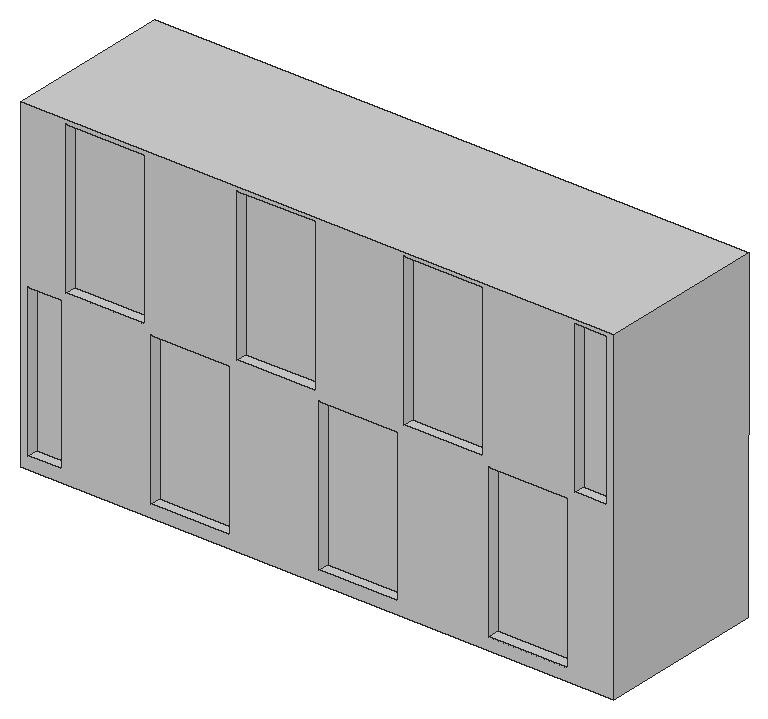
Revit family "SA 6H7W", category Mechanical Equipment, Revit 2019
Family settings
  Round Connector Dimension = Use Diameter
  Part Type = Normal
  OmniClass Number = 23.75.00.00
  OmniClass Title = Climate Control (HVAC)
  Work Plane-Based = No
  Always vertical = Yes
  Cut with Voids When Loaded = No
  Shared = No
  Room Calculation Point = No
Parameters (values of type "6H7W SA")
  Width = 5' - 4 1/2"
  Weight (lbs.) = "4666"
  URL = "www.renewaire.com"
  Model = "6H7W SA"
  Manufacturer = "Renewaire LLC"
  Length = 19' - 0"
  Housing = Metal - RenewAire - Anodized - Gray Text
  Height = 10' - 5 1/2"
  Description = "Energy Recovery Ventilator"
  Cores (L125-G5) = "42"
  Airflow Range (CFM) = "10,500-46,200"
Reference planes (in)
  plane 1 "Center (Front/Back)": y = 0
  plane 2: z = 0
  plane 3 "Center (Left/Right)": x = 0
Forms (in)
  Extrusion 1, solid, material "Metal - RenewAire - Anodized - Gray Text" <- "Housing"
    sketch origin (0, -16.07731, 0) x (0, 1, 0) y (0, 0, 1)
      loop
        line (32.26413, 145.375) -> (-32.26413, 145.375) -> (-32.26413, 19.875) -> (32.26413, 19.875) -> (32.26413, 145.375)
    from 0 to 228
  Extrusion 2, void
    sketch origin (0.62375, -14.11828, 19.48574) x (1, 0, 0) y (0, 0, 1)
      loop
        line (2.375, 63.5) -> (2.375, 5.25) -> (15.17072, 5.25) -> (15.17072, 63.5) -> (2.375, 63.5)
      loop
        line (49.50854, 63.5) -> (49.50854, 5.25) -> (79.83716, 5.25) -> (79.83716, 63.5) -> (49.50854, 63.5)
      loop
        line (47.32983, 124.75) -> (17.00122, 124.75) -> (17.00122, 66.5) -> (47.32983, 66.5) -> (47.32983, 124.75)
      loop
        line (82.52479, 124.75) -> (82.52479, 66.5) -> (112.77479, 66.5) -> (112.77479, 124.75) -> (82.52479, 124.75)
      loop
        line (114.17072, 63.5) -> (114.17072, 5.25) -> (144.42072, 5.25) -> (144.42072, 63.5) -> (114.17072, 63.5)
      loop
        line (146.67096, 124.75) -> (146.67096, 66.5) -> (176.92096, 66.5) -> (176.92096, 124.75) -> (146.67096, 124.75)
      loop
        line (179.375, 63.5) -> (179.375, 5.25) -> (209.625, 5.25) -> (209.625, 63.5) -> (179.375, 63.5)
      loop
        line (212.25824, 124.75) -> (212.25824, 66.5) -> (224.63324, 66.5) -> (224.63324, 124.75) -> (212.25824, 124.75)
    from 30 to 38.22316
  Extrusion 3, void
    sketch origin (-0.12625, 49.88172, -1.18675) x (1, 0, 0) y (0, 0, 1)
      loop
        line (3.17072, 84.13013) -> (3.17072, 25.88013) -> (15.96643, 25.88013) -> (15.96643, 84.13013) -> (3.17072, 84.13013)
      loop
        line (50.30426, 84.13013) -> (50.30426, 25.88013) -> (80.63287, 25.88013) -> (80.63287, 84.13013) -> (50.30426, 84.13013)
      loop
        line (48.12555, 145.375) -> (17.79694, 145.375) -> (17.79694, 87.13013) -> (48.12555, 87.13013) -> (48.12555, 145.375)
      loop
        line (83.32051, 145.31611) -> (83.32051, 87.13013) -> (113.52479, 87.13013) -> (113.52479, 145.31611) -> (83.32051, 145.31611)
      loop
        line (145.17072, 84.17249) -> (114.92072, 84.17249) -> (114.92072, 25.92249) -> (145.17072, 25.92249) -> (145.17072, 84.17249)
      loop
        line (177.67096, 145.42249) -> (147.42096, 145.42249) -> (147.42096, 87.17249) -> (177.67096, 87.17249) -> (177.67096, 145.42249)
      loop
        line (210.375, 84.17249) -> (180.125, 84.17249) -> (180.125, 25.92249) -> (210.375, 25.92249) -> (210.375, 84.17249)
      loop
        line (225.38324, 145.42249) -> (213.00824, 145.42249) -> (213.00824, 87.17249) -> (225.38324, 87.17249) -> (225.38324, 145.42249)
    from 30 to 38.22316
Cuts and joins
  Extrusion 2, Extrusion 3 cuts Extrusion 1
Dimensions and locks (in)
  aligned and locked: level to plane 2
